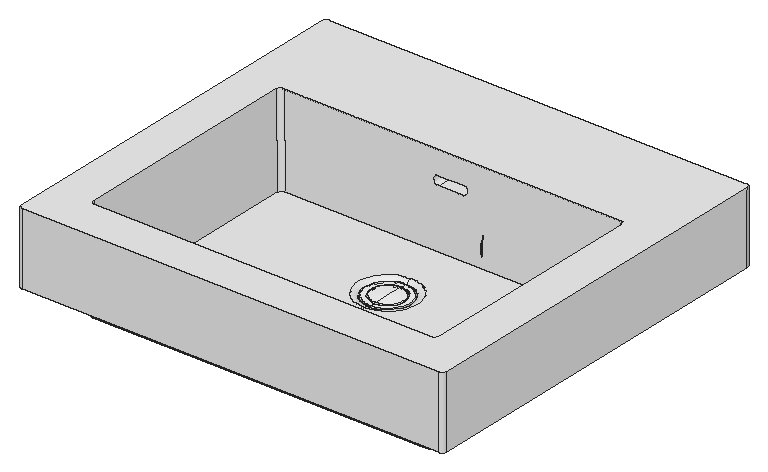
Revit family "Reece_Basin_Kado_Lux_Semi Inset_with Overflow_475 mm", category Plumbing Fixtures, host Face, Revit 2018
Family settings
  Host = Face
  Round Connector Dimension = Use Diameter
  Part Type = Normal
  Cut with Voids When Loaded = No
  Shared = Yes
  Room Calculation Point = Yes
Parameters (values of type "1 Taphole_Fine Fire Clay Ceramic_White")
  WFU = 0  # constant formula
  URL = "https://www.reece.com.au/product/-9507797"
  Type Comments = "Basin"
  Reece_Product_Web Page = "https://www.reece.com.au/product/-9507797"
  Reece_Product_Type = "Basin"  # constant formula
  Reece_Product_Sub Brand = "Lux"  # constant formula
  Reece_Product_Number = "9507797"
  Reece_Product_Mount = "Semi Inset"
  Reece_Product_Description = "Kado Lux Semi Inset Basin 1 Taphole with Overflow White"
  Reece_Product_Brand = "Kado"  # constant formula
  Reece_Overall_Width = 475 mm  # constant formula
  Reece_Overall_Length = 430 mm  # constant formula
  Reece_Overall_Height = 80 mm  # constant formula
  Reece_Overall_Capacity = 7.00 L  # constant formula
  Reece_Material_Secondary = Reece_Brass_Chrome
  Reece_Material_Main = Reece_Acrylic_White
  Reece_Detail_Installation = "\tSemi Inset Basin"  # constant formula
  Reece_Detail_Disclaimer = "THIS FILE IS THE PROPERTY OF THE REECE GROUP. IT MAY NOT BE REPRODUCED, REVERSE-ENGINEERED OR MODIFIED. ANY REPUBLICATION, TRANSMISSION OR DISTRIBUTION FOR THE PURPOSE OF COMMERCIALLY EXPLOITING THE FILES IS PROHIBITED."  # constant formula
  Reece_Detail_Connector = "1 Taphole"  # constant formula
  Reece_Detail_Additional = "Integrated Overflow"  # constant formula
  Reece_Basin_Taphole 1 = yes
  Reece_Basin_Supply Diameter 1 = 35 mm  # constant formula
  Reece_Basin_Outlet = 40 mm  # constant formula
  Model = "Lux"
  Manufacturer = "Kado"
  Keynote = "Product #9507797, Reece_Basin_Kado_Lux_Semi Inset_with Overflow_475 mm - 1 Taphole_Fine Fire Clay Ceramic_White"
  HWFU = 0  # constant formula
  Disclaimer = "THIS FILE IS THE PROPERTY OF THE REECE GROUP. IT MAY NOT BE REPRODUCED, REVERSE-ENGINEERED OR MODIFIED. ANY REPUBLICATION, TRANSMISSION OR DISTRIBUTION FOR THE PURPOSE OF COMMERCIALLY EXPLOITING THE FILES IS PROHIBITED."  # constant formula
  Description = "Kado Lux Semi Inset Basin 1 Taphole White with Overflow\r\n"
  Default Elevation = 1000 mm
  CWFU = 0  # constant formula
Reference planes
  plane 1 "Center (Front/Back)": y = -79.125
  plane 2 "Bottom": z = 0
  plane 3 "Center (Left/Right)": x = 0
  plane 4: y = 135.875
  plane 5: x = 237.5
  plane 6: x = -237.5
  plane 7: y = -294.125
  plane 8: x = 0
  plane 9: z = 80
  plane 10: z = -70
Forms (mm)
  Extrusion 1, solid, material "Reece_Acrylic_White" <- "Reece_Material_Main"
    sketch origin (0, 0, 0) x (1, 0, 0) y (0, 1, 0)
      loop
        line (-237.5, 130.875) -> (-237.5, -289.125)
        arc (-237.5, -289.125) -> (-236.036, -292.66) -> (-232.5, -294.125) r 5
        line (-232.5, -294.125) -> (232.5, -294.125)
        arc (232.5, -294.125) -> (236.036, -292.66) -> (237.5, -289.125) r 5
        line (237.5, -289.125) -> (237.5, 130.875)
        arc (237.5, 130.875) -> (236.036, 134.411) -> (232.5, 135.875) r 5
        line (232.5, 135.875) -> (-232.5, 135.875)
        arc (-232.5, 135.875) -> (-236.036, 134.411) -> (-237.5, 130.875) r 5
    from 0 to 80
  Blend 2, void
    base sketch origin (3, 0, 0) x (1, 0, 0) y (0, 1, 0)
      loop
        line (-191, 5.875) -> (-191, -239.125)
        arc (-191, -239.125) -> (-189.536, -242.66) -> (-186, -244.125) r 5
        line (-186, -244.125) -> (180, -244.125)
        arc (180, -244.125) -> (183.536, -242.66) -> (185, -239.125) r 5
        line (185, -239.125) -> (185, 5.875)
        arc (185, 5.875) -> (183.536, 9.411) -> (180, 10.875) r 5
        line (180, 10.875) -> (-186, 10.875)
        arc (-186, 10.875) -> (-189.536, 9.411) -> (-191, 5.875) r 5
    top sketch origin (3, 0, 0) x (1, 0, 0) y (0, 1, 0)
      loop
        line (-196, 10.875) -> (-196, -244.125)
        arc (-196, -244.125) -> (-194.536, -247.66) -> (-191, -249.125) r 5
        line (-191, -249.125) -> (185, -249.125)
        arc (185, -249.125) -> (188.536, -247.66) -> (190, -244.125) r 5
        line (190, -244.125) -> (190, 10.875)
        arc (190, 10.875) -> (188.536, 14.411) -> (185, 15.875) r 5
        line (185, 15.875) -> (-191, 15.875)
        arc (-191, 15.875) -> (-194.536, 14.411) -> (-196, 10.875) r 5
    from -19 to 80
  Extrusion 3, void
    sketch origin (0, 0, 0) x (1, 0, 0) y (0, 1, 0)
      loop
        line (232.5, 135.875) -> (-232.5, 135.875)
        arc (-232.5, 135.875) -> (-236.036, 134.411) -> (-237.5, 130.875) r 5
        line (-237.5, 130.875) -> (-237.5, -289.125)
        arc (-237.5, -289.125) -> (-236.036, -292.66) -> (-232.5, -294.125) r 5
        line (-232.5, -294.125) -> (232.5, -294.125)
        arc (232.5, -294.125) -> (236.036, -292.66) -> (237.5, -289.125) r 5
        line (237.5, -289.125) -> (237.5, 130.875)
        arc (237.5, 130.875) -> (236.036, 134.411) -> (232.5, 135.875) r 5
    from 80 to -70
  Blend 4, solid, material "Reece_Acrylic_White" <- "Reece_Material_Main"
    base sketch origin (0, 0, 0) x (1, 0, 0) y (0, 1, 0)
      loop
        line (183, 20.875) -> (-183, 20.875)
        arc (-183, 20.875) -> (-193.607, 16.482) -> (-198, 5.875) r 15
        line (-198, 5.875) -> (-198, -239.125)
        arc (-198, -239.125) -> (-193.607, -249.731) -> (-183, -254.125) r 15
        line (-183, -254.125) -> (183, -254.125)
        arc (183, -254.125) -> (193.607, -249.731) -> (198, -239.125) r 15
        line (198, -239.125) -> (198, 5.875)
        arc (198, 5.875) -> (193.607, 16.482) -> (183, 20.875) r 15
    top sketch origin (0, 0, 0) x (1, 0, 0) y (0, 1, 0)
      loop
        arc (-188, 25.875) -> (-198.607, 21.482) -> (-203, 10.875) r 15
        line (-203, 10.875) -> (-203, -244.125)
        arc (-203, -244.125) -> (-198.607, -254.731) -> (-188, -259.125) r 15
        line (-188, -259.125) -> (188, -259.125)
        arc (188, -259.125) -> (198.607, -254.731) -> (203, -244.125) r 15
        line (203, -244.125) -> (203, 10.875)
        arc (203, 10.875) -> (198.607, 21.482) -> (188, 25.875) r 15
        line (188, 25.875) -> (-188, 25.875)
    from -30 to 80
  Revolve 5, void
    sketch origin (0, 0, -21.397) x (0, 1, 0) y (0, 0, 1)
      loop
        line (-74.125, 35) -> (-74.125, -48.603) -> (-49.125, -48.603) -> (-49.125, -1.603) -> (-48.054, -0.532)
        arc (-48.054, -0.532) -> (-44.809, 1.636) -> (-40.983, 2.397) r 10
        line (-40.983, 2.397) -> (-27.392, 2.397) -> (-27.392, 35) -> (-74.125, 35)
      axis (-74.125, 35) -> (-74.125, -48.603)
    angle from 0 to 360
  Revolve 6, solid, material "Reece_Brass_Chrome" <- "Reece_Material_Secondary"
    sketch origin (0, 0, -23.011) x (0, 1, 0) y (0, 0, 1)
      loop
        line (-96.459, -1.603) -> (-74.125, -1.603) -> (-74.125, 2.71)
        arc (-74.125, 2.71) -> (-82.783, 2.552) -> (-91.414, 1.852) r 137.99
        arc (-91.414, 1.852) -> (-91.921, 1.59) -> (-92.125, 1.057) r 0.8
        line (-92.125, 1.057) -> (-92.125, 0.264) -> (-93.125, 0.264) -> (-93.125, 1.769) -> (-98.625, 1.769)
        arc (-98.625, 1.769) -> (-99.087, 1.461) -> (-98.978, 0.916) r 0.5
        line (-98.978, 0.916) -> (-96.459, -1.603)
      axis (-74.125, 2.71) -> (-74.125, -1.603)
    angle from 0 to 360
  Revolve 7, solid, material "Reece_Acrylic_White" <- "Reece_Material_Main"
    sketch origin (0, 0, 0) x (0, 1, 0) y (0, 0, 1)
      loop
        line (-74.125, -30) -> (-104.125, -30) -> (-104.125, -67.5)
        arc (-104.125, -67.5) -> (-103.392, -69.268) -> (-101.625, -70) r 2.5
        line (-101.625, -70) -> (-74.125, -70) -> (-74.125, -30)
      axis (-74.125, -70) -> (-74.125, -30)
    angle from 0 to 360
  Extrusion 8, void
    sketch origin (0, 0, 0) x (1, 0, 0) y (0, 1, 0)
      loop
        line (222.5, 125.875) -> (-222.5, 125.875)
        arc (-222.5, 125.875) -> (-226.036, 124.411) -> (-227.5, 120.875) r 5
        line (-227.5, 120.875) -> (-227.5, -279.125)
        arc (-227.5, -279.125) -> (-226.036, -282.66) -> (-222.5, -284.125) r 5
        line (-222.5, -284.125) -> (222.5, -284.125)
        arc (222.5, -284.125) -> (226.036, -282.66) -> (227.5, -279.125) r 5
        line (227.5, -279.125) -> (227.5, 120.875)
        arc (227.5, 120.875) -> (226.036, 124.411) -> (222.5, 125.875) r 5
      loop
        line (184.364, 22.239) -> (-184.364, 22.239)
        arc (-184.364, 22.239) -> (-194.97, 17.846) -> (-199.364, 7.239) r 15
        line (-199.364, 7.239) -> (-199.364, -240.488)
        arc (-199.364, -240.488) -> (-194.97, -251.095) -> (-184.364, -255.488) r 15
        line (-184.364, -255.488) -> (184.364, -255.488)
        arc (184.364, -255.488) -> (194.97, -251.095) -> (199.364, -240.488) r 15
        line (199.364, -240.488) -> (199.364, 7.239)
        arc (199.364, 7.239) -> (194.97, 17.846) -> (184.364, 22.239) r 15
    from 0 to 70
  Sweep 9, solid, material "Reece_Acrylic_White" <- "Reece_Material_Main"
    path origin (0, 0, 0) x (0, 1, 0) y (0, 0, 1)
      loop
        line (-52.522, -45.326) -> (15.452, -42.952)
        arc (15.452, -42.952) -> (28.822, -37.181) -> (34.733, -23.873) r 20
        line (34.733, -23.873) -> (39.149, 73.276)
    profile origin (0, 36.941, 24.702) x (0, -0.998969, 0.045408) y (1, 0, 0)
      loop
        line (19.625, -22.504) -> (19.625, 22.504) -> (2.815, 19.503)
        arc (2.815, 19.503) -> (-0.206, 18.172) -> (-2.281, 15.604) r 6.997
        arc (-2.281, 15.604) -> (-3.402, 14.075) -> (-5.012, 13.072) r 5
        arc (-5.012, 13.072) -> (-14, 0) -> (-5.012, -13.072) r 14
        arc (-5.012, -13.072) -> (-3.402, -14.075) -> (-2.281, -15.604) r 5
        arc (-2.281, -15.604) -> (-0.206, -18.172) -> (2.815, -19.503) r 6.997
        line (2.815, -19.503) -> (19.625, -22.504)
  Extrusion 10, void
    sketch origin (0, -79.125, 0) x (1, 0, 0) y (0, 0, 1)
      loop
        line (-14, 45) -> (14, 45)
        arc (14, 45) -> (19, 50) -> (14, 55) r 5
        line (14, 55) -> (-14, 55)
        arc (-14, 55) -> (-19, 50) -> (-14, 45) r 5
    from -109.339 to -92.409
  Revolve 11, void
    sketch origin (0, 0, 0) x (0, 1, 0) y (0, 0, 1)
      loop
        line (-74.125, 2.457) -> (-99.125, 2.457) -> (-99.125, -70) -> (-74.125, -70) -> (-74.125, 2.457)
      axis (-74.125, 2.457) -> (-74.125, -70)
    angle from 0 to 360
  Sweep 12, void
    path origin (0, 0, 0) x (0, 1, 0) y (0, 0, 1)
      loop
        line (-56.009, -45.219) -> (16.885, -42.673)
        arc (16.885, -42.673) -> (30.255, -36.902) -> (36.167, -23.594) r 20
        line (36.167, -23.594) -> (40.026, 61.319)
    profile origin (0, -19.562, -43.946) x (0, -0.034899, 0.999391) y (1, 0, 0)
      loop
        circle (0, 0) r 11.5
Cuts and joins
  Blend 2, Revolve 5, Extrusion 8, Extrusion 10, Revolve 11, Sweep 12 cuts Extrusion 1
  Blend 2, Revolve 5, Extrusion 10, Revolve 11, Sweep 12 cuts Blend 4
  Extrusion 10, Revolve 11, Sweep 12 cuts Revolve 7
  Extrusion 10, Revolve 11, Sweep 12 cuts Sweep 9
  joined: Extrusion 1, Blend 4, Revolve 7, Sweep 9
Lines and regions (mm)
  model lines, style "PlumbingFixtures", visible <- "Reece_Basin_Taphole 1"
    curve 1: circle (0, 75.875, 80) r 15 normal (0, 0, 1)
Text (mm)
  text "Reece Copyright © 2018, Reece Ltd." at (-1108.834, -679.227, 0), in view "Ref. Level"
  text "Reece ©" at (44.384, 258.95, 192.345), in view "Reece Preview"
Dimensions and locks
  equal spacing: plane 6, plane 3 "Center (Left/Right)", plane 5
  "Reece_Overall_Width": plane 6 to plane 5
  "Reece_Overall_Length": plane 4 to plane 7
  equal spacing: plane 4, plane 1 "Center (Front/Back)", plane 7
  "Reece_Overall_Height": plane 9 to host face
  "Reece_Overall_Width": plane 6 to cut or joined group 1 (Extrusion 1, Blend 2, Blend 4, Revolve 5, Revolve 7, Extrusion 8, Sweep 9, Extrusion 10, Revolve 11, Sweep 12)
  aligned and locked: host face to plane 2 "Bottom"
  aligned and locked: level to host face
Automatic sketch dimensions
  host sketch curve to host sketch curve = 696.216 mm
  host sketch curve to host sketch curve = 618.927 mm
  Extrusion 1 sketch curve to plane 6 = 0 mm
  plane 7 to Extrusion 1 sketch curve = 0 mm
  Extrusion 1 sketch curve to plane 4 = 0 mm
  Extrusion 1 sketch curve to plane 5 = 0 mm
  Extrusion 1 sketch curve to plane 5 = 5 mm
  Extrusion 1 sketch curve to plane 4 = 5 mm
  Extrusion 1 sketch curve to plane 6 = 5 mm
  Extrusion 1 sketch curve to Extrusion 1 sketch curve = 5 mm
  Blend 2 sketch curve to Blend 2 sketch curve = 5 mm  (x7)
  Blend 2 sketch curve to Blend 2 sketch curve = 0 mm
  Blend 2 sketch curve to plane 7 = 50 mm
  Blend 2 sketch curve to plane 7 = 45 mm
  curve 1 to Extrusion 1 = 60 mm
  curve 1 to Extrusion 1 = 237.5 mm
  Blend 2 sketch curve to plane 5 = 54.5 mm
  Blend 2 sketch curve to plane 5 = 49.5 mm  (x2)
  Blend 2 sketch curve to plane 6 = 54.5 mm
  Blend 2 sketch curve to plane 6 = 49.5 mm
  Blend 2 sketch curve to plane 1 "Center (Front/Back)" = 85 mm
  Blend 2 sketch curve to plane 1 "Center (Front/Back)" = 90 mm
  Extrusion 3 sketch curve to plane 6 = 0 mm
  Extrusion 3 sketch curve to plane 4 = 0 mm
  Extrusion 3 sketch curve to plane 5 = 5 mm  (x2)
  Extrusion 3 sketch curve to plane 6 = 5 mm
  Extrusion 3 sketch curve to plane 4 = 5 mm
  Extrusion 3 sketch curve to plane 5 = 0 mm
  plane 7 to Extrusion 3 sketch curve = 0 mm
  Blend 4 sketch curve to plane 6 = 39.5 mm
  Blend 4 sketch curve to Blend 4 sketch curve = 15 mm  (x6)
  Blend 4 sketch curve to plane 5 = 54.5 mm  (x2)
  Blend 4 sketch curve to plane 7 = 40 mm
  Blend 4 sketch curve to plane 1 "Center (Front/Back)" = 85 mm
  Blend 4 sketch curve to plane 6 = 34.5 mm
  Blend 4 sketch curve to plane 5 = 49.5 mm  (x2)
  Blend 4 sketch curve to plane 7 = 35 mm
  Blend 4 sketch curve to plane 1 "Center (Front/Back)" = 90 mm
  plane 10 to Revolve 5 sketch curve = 0 mm
  Revolve 5 sketch curve to plane 1 "Center (Front/Back)" = 5 mm  (x2)
  Revolve 5 sketch curve to Revolve 5 sketch curve = 25 mm
  Revolve 5 sketch curve to Revolve 5 sketch curve = 1.071 mm  (x2)
  Revolve 5 sketch curve to Revolve 5 sketch curve = 7.071 mm
  level to Revolve 5 sketch curve = 13.603 mm
  Revolve 5 sketch curve to Revolve 5 sketch curve = 13.59 mm
  Revolve 5 sketch curve to level = 29 mm
  Revolve 5 sketch curve to Revolve 5 sketch curve = 6 mm
  plane 10 to Revolve 5 sketch curve = 256.197 mm
  Revolve 5 sketch curve to plane 9 = 235.036 mm
  plane 1 "Center (Front/Back)" to Revolve 6 sketch curve = 19.854 mm
  Revolve 6 sketch curve to Revolve 6 sketch curve = 0.354 mm  (x2)
  Revolve 6 sketch curve to Revolve 6 sketch curve = 2.519 mm  (x2)
  Revolve 6 sketch curve to Revolve 6 sketch curve = 3.335 mm
  Revolve 6 sketch curve to Revolve 6 sketch curve = 1 mm
  Revolve 6 sketch curve to Revolve 6 sketch curve = 0.8 mm
  Revolve 6 sketch curve to plane 1 "Center (Front/Back)" = 3.188 mm
  Revolve 6 sketch curve to plane 1 "Center (Front/Back)" = 5 mm  (x2)
  plane 10 to Revolve 6 sketch curve = 88.278 mm
  Revolve 6 sketch curve to level = 24.613 mm
  Revolve 6 sketch curve to Revolve 6 sketch curve = 1.867 mm
  Revolve 6 sketch curve to Revolve 6 sketch curve = 0.793 mm
  Revolve 6 sketch curve to Revolve 6 sketch curve = 4.313 mm
  plane 10 to Revolve 6 sketch curve = 23.011 mm
  level to Revolve 6 sketch curve = 1.989 mm
  Extrusion 8 sketch curve to plane 6 = 10 mm
  Extrusion 8 sketch curve to plane 4 = 10 mm
  Extrusion 8 sketch curve to plane 7 = 10 mm
  Extrusion 8 sketch curve to plane 5 = 10 mm
  Extrusion 8 sketch curve to plane 6 = 15 mm  (x2)
  Extrusion 8 sketch curve to plane 5 = 15 mm  (x2)
  Extrusion 8 sketch curve to plane 6 = 38.136 mm
  Extrusion 8 sketch curve to Extrusion 8 sketch curve = 15 mm  (x3)
  Extrusion 8 sketch curve to plane 5 = 53.136 mm  (x2)
  Extrusion 8 sketch curve to plane 7 = 38.636 mm
  Extrusion 8 sketch curve to plane 1 "Center (Front/Back)" = 86.364 mm
  Extrusion 10 sketch curve to plane 3 "Center (Left/Right)" = 14 mm
  plane 3 "Center (Left/Right)" to Extrusion 10 sketch curve = 14 mm
  plane 9 to Extrusion 10 sketch curve = 35 mm
  Extrusion 10 sketch curve to Extrusion 10 sketch curve = 5 mm
  Sweep 9 sketch curve to plane 3 "Center (Left/Right)" = 0 mm
  Sweep 9 sketch curve to profile plane = 0 mm
  profile plane to Sweep 9 sketch curve = 6.802 mm  (x2)
  Sweep 9 sketch curve to profile plane = 2.815 mm  (x2)
  Sweep 9 sketch curve to profile plane = 4.045 mm  (x2)
  Sweep 9 sketch curve to Sweep 9 sketch curve = 5.127 mm  (x2)
  Sweep 9 sketch curve to Sweep 9 sketch curve = 6.888 mm  (x2)
  Sweep 9 sketch curve to Sweep 9 sketch curve = 0 mm  (x4)
  Sweep 9 sketch curve to Sweep 9 sketch curve = 2.731 mm
  Sweep 9 sketch curve to Sweep 9 sketch curve = 16.81 mm
  Sweep 9 sketch curve to Sweep 9 sketch curve = 3.002 mm  (x2)
  plane 10 to Revolve 11 sketch curve = 0 mm  (x2)
  plane 1 "Center (Front/Back)" to Revolve 11 sketch curve = 20 mm
  Revolve 11 sketch curve to plane 1 "Center (Front/Back)" = 5 mm  (x2)
  level to Revolve 11 sketch curve = 2.457 mm
  Revolve 11 sketch curve to Revolve 11 sketch curve = 27.07 mm
  Sweep 9 sketch curve to level = 22.965 mm
  Sweep 9 sketch curve to plane 1 "Center (Front/Back)" = 93.879 mm
  Sweep 9 sketch curve to plane 10 = 27.048 mm
  Sweep 9 sketch curve to Sweep 9 sketch curve = 0.698 mm
  Sweep 9 sketch curve to level = 23.873 mm
  Sweep 9 sketch curve to plane 1 "Center (Front/Back)" = 26.603 mm
  plane 9 to Sweep 9 sketch curve = 6.724 mm
  Sweep 9 sketch curve to plane 4 = 96.726 mm
  Sweep 9 sketch curve to plane 10 = 24.674 mm
  Sweep 12 sketch curve to level = 22.686 mm
  Sweep 12 sketch curve to plane 1 "Center (Front/Back)" = 95.312 mm
  Sweep 12 sketch curve to plane 10 = 27.327 mm
  Sweep 12 sketch curve to Sweep 12 sketch curve = 0.698 mm
  Sweep 12 sketch curve to level = 23.594 mm
  Sweep 12 sketch curve to plane 1 "Center (Front/Back)" = 23.115 mm
  plane 9 to Sweep 12 sketch curve = 18.681 mm
  Sweep 12 sketch curve to Sweep 12 sketch curve = 3.86 mm
  Sweep 12 sketch curve to plane 10 = 24.781 mm
  Sweep 12 sketch curve to profile plane = 0 mm  (x2)
  plane 10 to Revolve 7 sketch curve = 0 mm  (x2)
  plane 1 "Center (Front/Back)" to Revolve 7 sketch curve = 25 mm
  Revolve 7 sketch curve to plane 1 "Center (Front/Back)" = 5 mm  (x2)
  Revolve 7 sketch curve to plane 10 = 2.5 mm
  Revolve 7 sketch curve to level = 30 mm
  plane 9 to Revolve 7 sketch curve = 25 mm
  radius of curve 1 = 15 mm
  radius of Sweep 12 sketch curve = 11.5 mm
Connectors
  piping at (0, -74.125, -70), diameter 40, driven by "Reece_Basin_Outlet"
    settings: on cut or joined group 1, index 1, connector inside diameter 609.6 mm, connector length 0 mm, flow factor 0, pipe flow 0.0 L/s, pressure drop 0.0 Pa, fitting loss kfactor 0, connector angle 0.00°, fixture units 0, engagement length 0 mm, angle of deflection 0.00°, flow configuration 0, flow direction 2, fitting loss method 0, system type 16, joint type 0, gender type 0, connector reference index -1, connector utility 0, adjustable connector no, is connector primary yes, connector description ""
